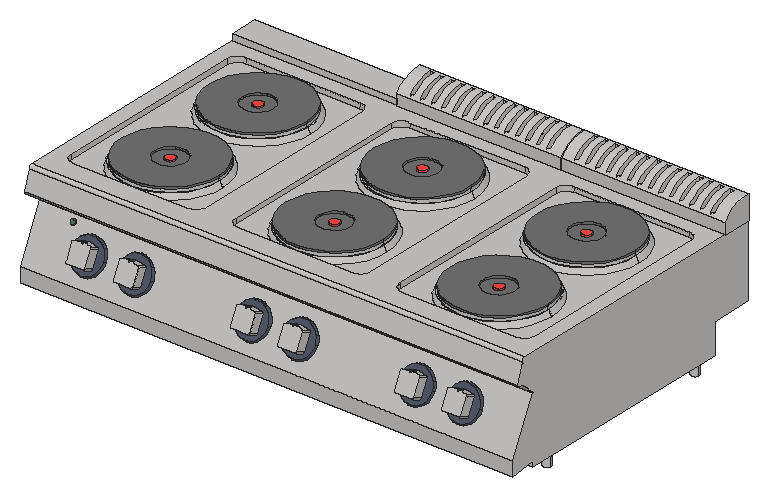
Revit family "QF_ZANUSSI_372019_Z7ECEL6R00", category Specialty Equipment, Revit 2018
Family settings
  Round Connector Dimension = Use Diameter
  Part Type = Normal
  Work Plane-Based = No
  Always vertical = Yes
  Cut with Voids When Loaded = No
  Shared = No
  Room Calculation Point = No
Parameters
  Width = 1200.0 mm  # constant formula
  Weight in Pounds = 132  # constant formula
  Weight = 0.00 kg
  Watts = 15600 W  # constant formula
  Volts = 400 V  # constant formula
  URL Manufacturer = "http://www.zanussiprofessional.com"
  URL Cutsheet = "www.electrolux.com/foodservice"
  URL = "http://www.zanussiprofessional.com"
  Type Mark [instance] = ""
  Steam Supply Size = 0"
  Steam Supply Minimum Pressure = 0.00 psi
  Steam Supply Maximum Pressure = 0.00 psi
  Steam Pounds per Hour = 0
  Status [instance] = ""
  Specification by User [instance] = ""
  Specification by Manufacturer = ""
  Show Logo [instance] = yes
  Show Clearance [instance] = yes
  Serial Number = ""
  Seismic Rating = ""
  SMACNA No = ""
  Revision Code [instance] = ""
  Refrigeration Suction Line Size = 0"
  Refrigeration Liquid Line Size = 0"
  Refrigerant Compressor Remote = yes
  Phase = 3  # constant formula
  Omniclass Number and Title = ""
  Number of Poles [instance] = 1
  NAFEM Spec ID Number = ""
  Model = "Z7ECEL6R00"
  Min Ckt Ampacity = 0 A
  Max Overcurrent Protection = 0 A
  Masterspec = ""
  Manufacturer = "Zanussi"
  Length Actual = 1200.0 mm  # constant formula
  Item Number [instance] = "372019"
  Installed By [instance] = ""
  Identify Quantity as Lot [instance] = yes
  Hot Water Size = 0"
  Height Actual = 250.0 mm  # constant formula
  Height = 332.0 mm  # constant formula
  HP = "20.9 HP"
  Gas Size = 0"
  Gas KW = 0
  Gas Input Pressure = 0.0 Btu/h
  Furnished By [instance] = ""
  Foodservice Equipment Identifier [instance] = yes
  FL Amps = if(Phase = 3, Watts / (Volts * 1.73), Watts / Volts)  # 22.5434 A
  Electrical Remarks [instance] = "400 V/3N ph/50/60 Hz"  # constant formula
  Electric Connection Type [instance] = ""
  Elec Conn RI Height [instance] = 0.0 mm
  Elec Conn Connection Height [instance] = 0.0 mm
  Direct Waste Size = 0"
  Description = "6-HOT PLATE ELECTRIC BOILING TOP 1200MM"
  Depth Actual = 700.0 mm  # constant formula
  Depth = 715.0 mm  # constant formula
  Cycle [instance] = if([60 Hertz Option], 60 Hz, 50 Hz)  # 60 Hz
  Conn Plug = ""
  Conn Conduit = yes
  Condensate Return Size = 0"
  Compressed Air Volume = 0 GPM
  Compressed Air Size = 0"
  Compressed Air Pressure = 0.00 psi
  Cold Water Size = 0"
  CSI MasterFormat = ""
  CSI Master Format = ""
  Base Height [instance] = 24.0 mm  # constant formula
  Assembly Code = ""
  Apparent Power = if(Phase = 3, Volts * FL Amps * 1.73, Volts * FL Amps)  # 15600 VA
  Accessory = yes
  60 Hertz Option [instance] = not([50 Hertz Option])  # yes
  50 Hertz Option [instance] = no
Reference planes
  plane 1 "BACK": y = 0
  plane 2: z = 0
  plane 3 "LEFT": x = 0
  plane 4 "RIGHT": x = 1200
  plane 5 "FRONT": y = -715
  plane 6 "TOP": z = 288.925
  plane 7 "Center Y": x = 600
  plane 8 "Center X": y = -357.5
  plane 9 "BASE": z = 24
  plane 10 "TOP A": z = 274
  plane 11: y = -597.884
  plane 12: y = -147.637
  plane 13: z = 332
  plane 14: y = -700
  plane 15 "panel": through (-6096, -654.982, 186.002) normal (0, -0.8956, 0.4448)
Forms (mm)
  Extrusion 1, solid, material "QF_Finishes_Stainless Steel"
    sketch origin (0, 0, 0) x (0, 1, 0) y (0, 0, 1)
      loop
        line (0, 98) -> (0, 274) -> (-679.358, 274)
        arc (-679.358, 274) -> (-684.643, 271.811) -> (-686.833, 266.526) r 7.474
        line (-686.833, 266.526) -> (-699.884, 221.011)
        arc (-699.884, 221.011) -> (-699.396, 218.379) -> (-697, 217.184) r 3
        line (-697, 217.184) -> (-686.802, 217.184) -> (-654.982, 185.364) -> (-715, 64.508) -> (-715, 29.508) -> (-658.645, 37.428)
        arc (-658.645, 37.428) -> (-656.101, 36.674) -> (-655, 34.259) r 3.2
        line (-655, 34.259) -> (-655, 24) -> (-103, 24) -> (-103, 98) -> (0, 98)
    from 0 to 1200
  Extrusion 2, solid, material "QF_Finishes_Stainless Steel"
    sketch origin (0, 0, 0) x (1, 0, 0) y (0, 1, 0)
      loop
        circle (11.112, -147.638) r 9.525
      loop
        circle (11.112, -597.884) r 9.525
      loop
        circle (1188.887, -147.638) r 9.525
      loop
        circle (1188.887, -597.884) r 9.525
    from 0 to 24
  Extrusion 3, solid, material "QF_Finishes_Stainless Steel"
    sketch origin (0, -101.6, 101.6) x (0, 0, -1) y (-1, 0, 0)
      loop
        circle (41.088, -1147.613) r 12.7
    from -1.4 to 3.175
  Extrusion 4, solid, material "QF_Finishes_Clearance", visible <- "Show Clearance", detail levels coarse
    sketch origin (0, 0, 0) x (1, 0, 0) y (0, 1, 0)
      loop
        line (0, -715) -> (0, 0) -> (1200, 0) -> (1200, -715) -> (1350.019, -715) -> (1350.019, 150.019) -> (-150.019, 150.019) -> (-150.019, -715) -> (0, -715)
    from 0 to 331.788
  Extrusion 5, solid, material "QF_Finishes_Stainless Steel"
    sketch origin (400.1, 0, 0) x (0, 1, 0) y (0, 0, 1)
      loop
        line (0, 274) -> (0, 331.492)
        arc (0, 331.492) -> (-38.8, 324.37) -> (-69.85, 300.038) r 82.447
        line (-69.85, 300.038) -> (-69.85, 274) -> (0, 274)
    from 0 to 400.05
  Extrusion 6, void
    sketch origin (400.1, 0, 274.638) x (0, -1, 0) y (1, 0, 0)
      loop
        line (6.761, 29.603) -> (63.911, 29.603) -> (63.911, 38.899) -> (6.761, 38.899) -> (6.761, 29.603)
      loop
        line (63.911, 64.387) -> (6.761, 64.387) -> (6.761, 55.091) -> (63.911, 55.091) -> (63.911, 64.387)
      loop
        line (63.911, 89.875) -> (6.761, 89.875) -> (6.761, 80.58) -> (63.911, 80.58) -> (63.911, 89.875)
      loop
        line (63.911, 115.364) -> (6.761, 115.364) -> (6.761, 106.068) -> (63.911, 106.068) -> (63.911, 115.364)
      loop
        line (63.911, 140.852) -> (6.761, 140.852) -> (6.761, 131.556) -> (63.911, 131.556) -> (63.911, 140.852)
      loop
        line (63.911, 166.34) -> (6.761, 166.34) -> (6.761, 157.045) -> (63.911, 157.045) -> (63.911, 166.34)
      loop
        line (63.911, 191.829) -> (6.761, 191.829) -> (6.761, 182.533) -> (63.911, 182.533) -> (63.911, 191.829)
      loop
        line (63.911, 217.317) -> (6.761, 217.317) -> (6.761, 208.021) -> (63.911, 208.021) -> (63.911, 217.317)
      loop
        line (63.911, 242.805) -> (6.761, 242.805) -> (6.761, 233.51) -> (63.911, 233.51) -> (63.911, 242.805)
      loop
        line (63.911, 268.294) -> (6.761, 268.294) -> (6.761, 258.998) -> (63.911, 258.998) -> (63.911, 268.294)
      loop
        line (63.911, 293.782) -> (6.761, 293.782) -> (6.761, 284.486) -> (63.911, 284.486) -> (63.911, 293.782)
      loop
        line (63.911, 319.27) -> (6.761, 319.27) -> (6.761, 309.975) -> (63.911, 309.975) -> (63.911, 319.27)
      loop
        line (63.911, 344.759) -> (6.761, 344.759) -> (6.761, 335.463) -> (63.911, 335.463) -> (63.911, 344.759)
      loop
        line (63.911, 370.247) -> (6.761, 370.247) -> (6.761, 360.951) -> (63.911, 360.951) -> (63.911, 370.247)
    from 25.4 to 63.5
  Extrusion 7, solid, material "QF_Finishes_Stainless Steel"
    sketch origin (800.15, 0, 0) x (0, 1, 0) y (0, 0, 1)
      loop
        line (0, 274) -> (0, 331.492)
        arc (0, 331.492) -> (-38.8, 324.37) -> (-69.85, 300.038) r 82.447
        line (-69.85, 300.038) -> (-69.85, 274) -> (0, 274)
    from 0 to 400.05
  Extrusion 8, void
    sketch origin (0, 0, 274.638) x (1, 0, 0) y (0, -1, 0)
      loop
        line (60.425, 104.885) -> (339.525, 104.885)
        arc (339.525, 104.885) -> (357.486, 112.324) -> (364.925, 130.285) r 25.4
        line (364.925, 130.285) -> (364.925, 604.235)
        arc (364.925, 604.235) -> (357.486, 622.195) -> (339.525, 629.635) r 25.4
        line (339.525, 629.635) -> (60.425, 629.635)
        arc (60.425, 629.635) -> (42.464, 622.195) -> (35.025, 604.235) r 25.4
        line (35.025, 604.235) -> (35.025, 130.285)
        arc (35.025, 130.285) -> (42.464, 112.324) -> (60.425, 104.885) r 25.4
      loop
        arc (739.625, 104.885) -> (757.586, 112.324) -> (765.025, 130.285) r 25.4
        line (765.025, 130.285) -> (765.025, 604.235)
        arc (765.025, 604.235) -> (757.586, 622.195) -> (739.625, 629.635) r 25.4
        line (739.625, 629.635) -> (460.375, 629.635)
        arc (460.375, 629.635) -> (442.414, 622.195) -> (434.975, 604.235) r 25.4
        line (434.975, 604.235) -> (434.975, 130.285)
        arc (434.975, 130.285) -> (442.414, 112.324) -> (460.375, 104.885) r 25.4
        line (460.375, 104.885) -> (739.625, 104.885)
      loop
        arc (1139.575, 104.885) -> (1157.536, 112.324) -> (1164.975, 130.285) r 25.4
        line (1164.975, 130.285) -> (1164.975, 604.235)
        arc (1164.975, 604.235) -> (1157.536, 622.195) -> (1139.575, 629.635) r 25.4
        line (1139.575, 629.635) -> (860.475, 629.635)
        arc (860.475, 629.635) -> (842.514, 622.195) -> (835.075, 604.235) r 25.4
        line (835.075, 604.235) -> (835.075, 130.285)
        arc (835.075, 130.285) -> (842.514, 112.324) -> (860.475, 104.885) r 25.4
        line (860.475, 104.885) -> (1139.575, 104.885)
    from 0 to 12.7
  Extrusion 9, void
    sketch origin (800.15, 0, 274.638) x (0, -1, 0) y (1, 0, 0)
      loop
        line (6.761, 29.603) -> (63.911, 29.603) -> (63.911, 38.899) -> (6.761, 38.899) -> (6.761, 29.603)
      loop
        line (63.911, 64.387) -> (6.761, 64.387) -> (6.761, 55.091) -> (63.911, 55.091) -> (63.911, 64.387)
      loop
        line (63.911, 89.875) -> (6.761, 89.875) -> (6.761, 80.58) -> (63.911, 80.58) -> (63.911, 89.875)
      loop
        line (63.911, 115.364) -> (6.761, 115.364) -> (6.761, 106.068) -> (63.911, 106.068) -> (63.911, 115.364)
      loop
        line (63.911, 140.852) -> (6.761, 140.852) -> (6.761, 131.556) -> (63.911, 131.556) -> (63.911, 140.852)
      loop
        line (63.911, 166.34) -> (6.761, 166.34) -> (6.761, 157.045) -> (63.911, 157.045) -> (63.911, 166.34)
      loop
        line (63.911, 191.829) -> (6.761, 191.829) -> (6.761, 182.533) -> (63.911, 182.533) -> (63.911, 191.829)
      loop
        line (63.911, 217.317) -> (6.761, 217.317) -> (6.761, 208.021) -> (63.911, 208.021) -> (63.911, 217.317)
      loop
        line (63.911, 242.805) -> (6.761, 242.805) -> (6.761, 233.51) -> (63.911, 233.51) -> (63.911, 242.805)
      loop
        line (63.911, 268.294) -> (6.761, 268.294) -> (6.761, 258.998) -> (63.911, 258.998) -> (63.911, 268.294)
      loop
        line (63.911, 293.782) -> (6.761, 293.782) -> (6.761, 284.486) -> (63.911, 284.486) -> (63.911, 293.782)
      loop
        line (63.911, 319.27) -> (6.761, 319.27) -> (6.761, 309.975) -> (63.911, 309.975) -> (63.911, 319.27)
      loop
        line (63.911, 344.759) -> (6.761, 344.759) -> (6.761, 335.463) -> (63.911, 335.463) -> (63.911, 344.759)
      loop
        line (63.911, 370.247) -> (6.761, 370.247) -> (6.761, 360.951) -> (63.911, 360.951) -> (63.911, 370.247)
    from 25.4 to 63.5
  Extrusion 10, solid, material "QF_Finishes_Stainless Steel"
    sketch origin (0, 0, 274.638) x (0, -1, 0) y (1, 0, 0)
      loop
        line (69.85, 400) -> (0, 400) -> (0, 0) -> (69.85, 0) -> (69.85, 400)
    from 0 to 14.3
  Blend 11, solid, material "QF_Finishes_Navy Blue"
    base sketch origin (542.6, -684.991, 125.574) x (1, 0, 0) y (0, 0.444781, 0.895639)
      loop
        circle (-0.1, 0) r 42.5
    top sketch origin (542.6, -684.991, 125.574) x (1, 0, 0) y (0, 0.444781, 0.895639)
      loop
        circle (-0.1, 0) r 40.5
    from 0 to 5
  Extrusion 12, solid, material "QF_Finishes_Stainless Steel"
    sketch origin (542.6, -684.991, 125.574) x (1, 0, 0) y (0, 0.444781, 0.895639)
      loop
        arc (-21.247, 22.789) -> (-22.594, 21.685) -> (-23.1, 20.019) r 2.997
        line (-23.1, 20.019) -> (-23.1, -20.019)
        arc (-23.1, -20.019) -> (-22.222, -22.138) -> (-20.103, -23.016) r 2.997
        line (-20.103, -23.016) -> (19.903, -23.016)
        arc (19.903, -23.016) -> (22.022, -22.138) -> (22.9, -20.019) r 2.997
        line (22.9, -20.019) -> (22.9, 20.019)
        arc (22.9, 20.019) -> (22.394, 21.685) -> (21.047, 22.789) r 2.997
        arc (21.047, 22.789) -> (-0.1, 26.984) -> (-21.247, 22.789) r 55.4
    from 10 to 34
  Extrusion 13, solid, material "QF_Plastic-Black-Matte"
    sketch origin (600.1, -684.991, 125.574) x (0, 0.444781, 0.895639) y (0, -0.895639, 0.444781)
      loop
        line (26.984, 34) -> (26.984, 19) -> (27.984, 19) -> (27.984, 34)
        arc (27.984, 34) -> (27.691, 34.707) -> (26.984, 35) r 1
        line (26.984, 35) -> (23.984, 35) -> (23.984, 34) -> (26.984, 34)
    from -58.5 to -56.5
  Extrusion 14, solid, material "QF_Finishes_Stainless Steel"
    sketch origin (542.6, -684.991, 125.574) x (1, 0, 0) y (0, 0.444781, 0.895639)
      loop
        line (17.4, 17.5) -> (-17.6, 17.5) -> (-17.6, -17.5) -> (17.4, -17.5) -> (17.4, 17.5)
    from 5 to 10
  Blend 15, solid, material "QF_Finishes_Navy Blue"
    base sketch origin (657.6, -684.991, 125.574) x (1, 0, 0) y (0, 0.444781, 0.895639)
      loop
        circle (-0.1, 0) r 42.5
    top sketch origin (657.6, -684.991, 125.574) x (1, 0, 0) y (0, 0.444781, 0.895639)
      loop
        circle (-0.1, 0) r 40.5
    from 0 to 5
  Extrusion 16, solid, material "QF_Finishes_Stainless Steel"
    sketch origin (657.6, -684.991, 125.574) x (1, 0, 0) y (0, 0.444781, 0.895639)
      loop
        arc (-21.247, 22.789) -> (-22.594, 21.685) -> (-23.1, 20.019) r 2.997
        line (-23.1, 20.019) -> (-23.1, -20.019)
        arc (-23.1, -20.019) -> (-22.222, -22.138) -> (-20.103, -23.016) r 2.997
        line (-20.103, -23.016) -> (19.903, -23.016)
        arc (19.903, -23.016) -> (22.022, -22.138) -> (22.9, -20.019) r 2.997
        line (22.9, -20.019) -> (22.9, 20.019)
        arc (22.9, 20.019) -> (22.394, 21.685) -> (21.047, 22.789) r 2.997
        arc (21.047, 22.789) -> (-0.1, 26.984) -> (-21.247, 22.789) r 55.4
    from 10 to 34
  Extrusion 17, solid, material "QF_Finishes_Stainless Steel"
    sketch origin (657.6, -684.991, 125.574) x (1, 0, 0) y (0, 0.444781, 0.895639)
      loop
        line (17.4, 17.5) -> (-17.6, 17.5) -> (-17.6, -17.5) -> (17.4, -17.5) -> (17.4, 17.5)
    from 5 to 10
  Blend 18, solid, material "QF_Finishes_Navy Blue"
    base sketch origin (142.525, -684.991, 125.574) x (1, 0, 0) y (0, 0.444781, 0.895639)
      loop
        circle (0, 0) r 42.5
    top sketch origin (142.525, -684.991, 125.574) x (1, 0, 0) y (0, 0.444781, 0.895639)
      loop
        circle (0, 0) r 40.5
    from 0 to 5
  Extrusion 19, solid, material "QF_Finishes_Stainless Steel"
    sketch origin (142.525, -684.991, 125.574) x (1, 0, 0) y (0, 0.444781, 0.895639)
      loop
        arc (-21.147, 22.789) -> (-22.494, 21.685) -> (-23, 20.019) r 2.997
        line (-23, 20.019) -> (-23, -20.019)
        arc (-23, -20.019) -> (-22.122, -22.138) -> (-20.003, -23.016) r 2.997
        line (-20.003, -23.016) -> (20.003, -23.016)
        arc (20.003, -23.016) -> (22.122, -22.138) -> (23, -20.019) r 2.997
        line (23, -20.019) -> (23, 20.019)
        arc (23, 20.019) -> (22.494, 21.685) -> (21.147, 22.789) r 2.997
        arc (21.147, 22.789) -> (0, 26.984) -> (-21.147, 22.789) r 55.4
    from 10 to 34
  Extrusion 20, solid, material "QF_Plastic-Black-Matte"
    sketch origin (200.025, -684.991, 125.574) x (0, 0.444781, 0.895639) y (0, -0.895639, 0.444781)
      loop
        line (26.984, 34) -> (26.984, 19) -> (27.984, 19) -> (27.984, 34)
        arc (27.984, 34) -> (27.691, 34.707) -> (26.984, 35) r 1
        line (26.984, 35) -> (23.984, 35) -> (23.984, 34) -> (26.984, 34)
    from -58.5 to -56.5
  Extrusion 21, solid, material "QF_Finishes_DarkGreen"
    sketch origin (142.525, -662.752, 170.356) x (1, 0, 0) y (0, 0.444781, 0.895639)
      loop
        circle (-55.001, 0) r 6
    from 0 to 1.6
  Extrusion 22, solid, material "QF_Finishes_Stainless Steel"
    sketch origin (142.525, -684.991, 125.574) x (1, 0, 0) y (0, 0.444781, 0.895639)
      loop
        line (17.5, 17.5) -> (-17.5, 17.5) -> (-17.5, -17.5) -> (17.5, -17.5) -> (17.5, 17.5)
    from 5 to 10
  Blend 23, solid, material "QF_Finishes_Navy Blue"
    base sketch origin (257.525, -684.991, 125.574) x (1, 0, 0) y (0, 0.444781, 0.895639)
      loop
        circle (0, 0) r 42.5
    top sketch origin (257.525, -684.991, 125.574) x (1, 0, 0) y (0, 0.444781, 0.895639)
      loop
        circle (0, 0) r 40.5
    from 0 to 5
  Extrusion 24, solid, material "QF_Finishes_Stainless Steel"
    sketch origin (257.525, -684.991, 125.574) x (1, 0, 0) y (0, 0.444781, 0.895639)
      loop
        arc (-21.147, 22.789) -> (-22.494, 21.685) -> (-23, 20.019) r 2.997
        line (-23, 20.019) -> (-23, -20.019)
        arc (-23, -20.019) -> (-22.122, -22.138) -> (-20.003, -23.016) r 2.997
        line (-20.003, -23.016) -> (20.003, -23.016)
        arc (20.003, -23.016) -> (22.122, -22.138) -> (23, -20.019) r 2.997
        line (23, -20.019) -> (23, 20.019)
        arc (23, 20.019) -> (22.494, 21.685) -> (21.147, 22.789) r 2.997
        arc (21.147, 22.789) -> (0, 26.984) -> (-21.147, 22.789) r 55.4
    from 10 to 34
  Extrusion 25, solid, material "QF_Finishes_Stainless Steel"
    sketch origin (257.525, -684.991, 125.574) x (1, 0, 0) y (0, 0.444781, 0.895639)
      loop
        line (17.5, 17.5) -> (-17.5, 17.5) -> (-17.5, -17.5) -> (17.5, -17.5) -> (17.5, 17.5)
    from 5 to 10
  Blend 26, solid, material "QF_Finishes_Navy Blue"
    base sketch origin (942.675, -684.991, 125.574) x (1, 0, 0) y (0, 0.444781, 0.895639)
      loop
        circle (-0.2, 0) r 42.5
    top sketch origin (942.675, -684.991, 125.574) x (1, 0, 0) y (0, 0.444781, 0.895639)
      loop
        circle (-0.2, 0) r 40.5
    from 0 to 5
  Extrusion 27, solid, material "QF_Finishes_Stainless Steel"
    sketch origin (942.675, -684.991, 125.574) x (1, 0, 0) y (0, 0.444781, 0.895639)
      loop
        arc (-21.347, 22.789) -> (-22.694, 21.685) -> (-23.2, 20.019) r 2.997
        line (-23.2, 20.019) -> (-23.2, -20.019)
        arc (-23.2, -20.019) -> (-22.322, -22.138) -> (-20.203, -23.016) r 2.997
        line (-20.203, -23.016) -> (19.803, -23.016)
        arc (19.803, -23.016) -> (21.922, -22.138) -> (22.8, -20.019) r 2.997
        line (22.8, -20.019) -> (22.8, 20.019)
        arc (22.8, 20.019) -> (22.294, 21.685) -> (20.947, 22.789) r 2.997
        arc (20.947, 22.789) -> (-0.2, 26.984) -> (-21.347, 22.789) r 55.4
    from 10 to 34
  Extrusion 28, solid, material "QF_Plastic-Black-Matte"
    sketch origin (1000.175, -684.991, 125.574) x (0, 0.444781, 0.895639) y (0, -0.895639, 0.444781)
      loop
        line (26.984, 34) -> (26.984, 19) -> (27.984, 19) -> (27.984, 34)
        arc (27.984, 34) -> (27.691, 34.707) -> (26.984, 35) r 1
        line (26.984, 35) -> (23.984, 35) -> (23.984, 34) -> (26.984, 34)
    from -58.5 to -56.5
  Extrusion 29, solid, material "QF_Finishes_Stainless Steel"
    sketch origin (942.675, -684.991, 125.574) x (1, 0, 0) y (0, 0.444781, 0.895639)
      loop
        line (17.3, 17.5) -> (-17.7, 17.5) -> (-17.7, -17.5) -> (17.3, -17.5) -> (17.3, 17.5)
    from 5 to 10
  Blend 30, solid, material "QF_Finishes_Navy Blue"
    base sketch origin (1057.675, -684.991, 125.574) x (1, 0, 0) y (0, 0.444781, 0.895639)
      loop
        circle (-0.2, 0) r 42.5
    top sketch origin (1057.675, -684.991, 125.574) x (1, 0, 0) y (0, 0.444781, 0.895639)
      loop
        circle (-0.2, 0) r 40.5
    from 0 to 5
  Extrusion 31, solid, material "QF_Finishes_Stainless Steel"
    sketch origin (1057.675, -684.991, 125.574) x (1, 0, 0) y (0, 0.444781, 0.895639)
      loop
        arc (-21.347, 22.789) -> (-22.694, 21.685) -> (-23.2, 20.019) r 2.997
        line (-23.2, 20.019) -> (-23.2, -20.019)
        arc (-23.2, -20.019) -> (-22.322, -22.138) -> (-20.203, -23.016) r 2.997
        line (-20.203, -23.016) -> (19.803, -23.016)
        arc (19.803, -23.016) -> (21.922, -22.138) -> (22.8, -20.019) r 2.997
        line (22.8, -20.019) -> (22.8, 20.019)
        arc (22.8, 20.019) -> (22.294, 21.685) -> (20.947, 22.789) r 2.997
        arc (20.947, 22.789) -> (-0.2, 26.984) -> (-21.347, 22.789) r 55.4
    from 10 to 34
  Extrusion 32, solid, material "QF_Finishes_Stainless Steel"
    sketch origin (1057.675, -684.991, 125.574) x (1, 0, 0) y (0, 0.444781, 0.895639)
      loop
        line (17.3, 17.5) -> (-17.7, 17.5) -> (-17.7, -17.5) -> (17.3, -17.5) -> (17.3, 17.5)
    from 5 to 10
  Extrusion 33, solid, material "QF_Plastic-Black-Matte"
    sketch origin (1115.175, -684.991, 125.574) x (0, 0.444781, 0.895639) y (0, -0.895639, 0.444781)
      loop
        line (26.984, 34) -> (26.984, 19) -> (27.984, 19) -> (27.984, 34)
        arc (27.984, 34) -> (27.691, 34.707) -> (26.984, 35) r 1
        line (26.984, 35) -> (23.984, 35) -> (23.984, 34) -> (26.984, 34)
    from -58.5 to -56.5
  Extrusion 34, solid, material "QF_Plastic-Black-Matte"
    sketch origin (715.1, -684.991, 125.574) x (0, 0.444781, 0.895639) y (0, -0.895639, 0.444781)
      loop
        line (26.984, 34) -> (26.984, 19) -> (27.984, 19) -> (27.984, 34)
        arc (27.984, 34) -> (27.691, 34.707) -> (26.984, 35) r 1
        line (26.984, 35) -> (23.984, 35) -> (23.984, 34) -> (26.984, 34)
    from -58.5 to -56.5
  Extrusion 35, solid, material "QF_Plastic-Black-Matte"
    sketch origin (315.125, -684.991, 125.574) x (0, 0.444781, 0.895639) y (0, -0.895639, 0.444781)
      loop
        line (26.984, 34) -> (26.984, 19) -> (27.984, 19) -> (27.984, 34)
        arc (27.984, 34) -> (27.691, 34.707) -> (26.984, 35) r 1
        line (26.984, 35) -> (23.984, 35) -> (23.984, 34) -> (26.984, 34)
    from -58.5 to -56.5
Cuts and joins
  Extrusion 6, Extrusion 9 cuts Extrusion 5
  Extrusion 8 cuts Extrusion 1
  Extrusion 9 cuts Extrusion 4
  Extrusion 9 cuts Extrusion 7
Lines and regions (mm)
  Split face 1
    outline origin (548.501, -689.469, 127.797) x (1, 0, 0) y (0, 0.444781, 0.895639)
      loop
        line (-8.901, 38.561) -> (-8.901, 28.561) -> (-2.901, 28.561) -> (-2.901, 38.561) -> (-8.901, 38.561)
  Split face 2
    outline origin (548.501, -689.469, 127.797) x (1, 0, 0) y (0, 0.444781, 0.895639)
      loop
        line (-8.401, 38.061) -> (-8.401, 29.061) -> (-3.401, 29.061) -> (-3.401, 38.061) -> (-8.401, 38.061)
  Split face 3
    outline origin (548.501, -689.469, 127.797) x (1, 0, 0) y (0, 0.444781, 0.895639)
      loop
        line (-8.401, 34.061) -> (-3.401, 34.061)
  Split face 4
    outline origin (548.501, -689.469, 127.797) x (1, 0, 0) y (0, 0.444781, 0.895639)
      loop
        line (-8.401, 33.561) -> (-3.401, 33.561)
  Split face 5
    outline origin (548.501, -689.469, 127.797) x (1, 0, 0) y (0, 0.444781, 0.895639)
      loop
        circle (-5.901, 31.311) r 2.029
  Split face 6
    outline origin (542.6, -689.469, 127.797) x (1, 0, 0) y (0, 0.444781, 0.895639)
      loop
        circle (-34, 0) r 1.5
  Split face 7
    outline origin (542.6, -689.469, 127.797) x (1, 0, 0) y (0, 0.444781, 0.895639)
      loop
        circle (-30.633, -14.752) r 1.5
  Split face 8
    outline origin (542.6, -689.469, 127.797) x (1, 0, 0) y (0, 0.444781, 0.895639)
      loop
        circle (-21.199, -26.582) r 1.5
  Split face 9
    outline origin (542.6, -689.469, 127.797) x (1, 0, 0) y (0, 0.444781, 0.895639)
      loop
        circle (-7.566, -33.148) r 1.5
  Split face 10
    outline origin (542.6, -689.469, 127.797) x (1, 0, 0) y (0, 0.444781, 0.895639)
      loop
        circle (7.566, -33.148) r 1.5
  Split face 11
    outline origin (542.6, -689.469, 127.797) x (1, 0, 0) y (0, 0.444781, 0.895639)
      loop
        circle (21.199, -26.582) r 1.5
  Split face 12
    outline origin (542.6, -689.469, 127.797) x (1, 0, 0) y (0, 0.444781, 0.895639)
      loop
        circle (30.633, -14.752) r 1.5
  Split face 13
    outline origin (542.6, -689.469, 127.797) x (1, 0, 0) y (0, 0.444781, 0.895639)
      loop
        circle (34, 0) r 1.5
  Split face 14
    outline origin (542.6, -689.469, 127.797) x (1, 0, 0) y (0, 0.444781, 0.895639)
      loop
        circle (-21.199, 26.582) r 1.5
  Split face 15
    outline origin (657.6, -689.469, 127.797) x (1, 0, 0) y (0, 0.444781, 0.895639)
      loop
        circle (-34, 0) r 1.5
  Split face 16
    outline origin (657.6, -689.469, 127.797) x (1, 0, 0) y (0, 0.444781, 0.895639)
      loop
        circle (-30.633, -14.752) r 1.5
  Split face 17
    outline origin (657.6, -689.469, 127.797) x (1, 0, 0) y (0, 0.444781, 0.895639)
      loop
        circle (-21.199, -26.582) r 1.5
  Split face 18
    outline origin (657.6, -689.469, 127.797) x (1, 0, 0) y (0, 0.444781, 0.895639)
      loop
        circle (-7.566, -33.148) r 1.5
  Split face 19
    outline origin (657.6, -689.469, 127.797) x (1, 0, 0) y (0, 0.444781, 0.895639)
      loop
        circle (7.566, -33.148) r 1.5
  Split face 20
    outline origin (657.6, -689.469, 127.797) x (1, 0, 0) y (0, 0.444781, 0.895639)
      loop
        circle (21.199, -26.582) r 1.5
  Split face 21
    outline origin (657.6, -689.469, 127.797) x (1, 0, 0) y (0, 0.444781, 0.895639)
      loop
        circle (30.633, -14.752) r 1.5
  Split face 22
    outline origin (657.6, -689.469, 127.797) x (1, 0, 0) y (0, 0.444781, 0.895639)
      loop
        circle (34, 0) r 1.5
  Split face 23
    outline origin (657.6, -689.469, 127.797) x (1, 0, 0) y (0, 0.444781, 0.895639)
      loop
        circle (-21.199, 26.582) r 1.5
  Split face 24
    outline origin (657.6, -689.469, 127.797) x (1, 0, 0) y (0, 0.444781, 0.895639)
      loop
        line (-3, 38.561) -> (-3, 28.561) -> (3, 28.561) -> (3, 38.561) -> (-3, 38.561)
  Split face 25
    outline origin (657.6, -689.469, 127.797) x (1, 0, 0) y (0, 0.444781, 0.895639)
      loop
        line (-2.5, 38.061) -> (-2.5, 29.061) -> (2.5, 29.061) -> (2.5, 38.061) -> (-2.5, 38.061)
  Split face 26
    outline origin (657.6, -689.469, 127.797) x (1, 0, 0) y (0, 0.444781, 0.895639)
      loop
        line (-2.5, 33.561) -> (2.5, 33.561)
  Split face 27
    outline origin (657.6, -689.469, 127.797) x (1, 0, 0) y (0, 0.444781, 0.895639)
      loop
        line (-2.5, 33.061) -> (2.5, 33.061)
  Split face 28
    outline origin (657.6, -689.469, 127.797) x (1, 0, 0) y (0, 0.444781, 0.895639)
      loop
        circle (0, 35.811) r 2.031
  Split face 29
    outline origin (148.426, -689.469, 127.797) x (1, 0, 0) y (0, 0.444781, 0.895639)
      loop
        line (-8.901, 38.561) -> (-8.901, 28.561) -> (-2.901, 28.561) -> (-2.901, 38.561) -> (-8.901, 38.561)
  Split face 30
    outline origin (148.426, -689.469, 127.797) x (1, 0, 0) y (0, 0.444781, 0.895639)
      loop
        line (-8.401, 38.061) -> (-8.401, 29.061) -> (-3.401, 29.061) -> (-3.401, 38.061) -> (-8.401, 38.061)
  Split face 31
    outline origin (148.426, -689.469, 127.797) x (1, 0, 0) y (0, 0.444781, 0.895639)
      loop
        line (-8.401, 34.061) -> (-3.401, 34.061)
  Split face 32
    outline origin (148.426, -689.469, 127.797) x (1, 0, 0) y (0, 0.444781, 0.895639)
      loop
        line (-8.401, 33.561) -> (-3.401, 33.561)
  Split face 33
    outline origin (148.426, -689.469, 127.797) x (1, 0, 0) y (0, 0.444781, 0.895639)
      loop
        circle (-5.901, 31.311) r 2.029
  Split face 34
    outline origin (142.525, -689.469, 127.797) x (1, 0, 0) y (0, 0.444781, 0.895639)
      loop
        circle (-34, 0) r 1.5
  Split face 35
    outline origin (142.525, -689.469, 127.797) x (1, 0, 0) y (0, 0.444781, 0.895639)
      loop
        circle (-30.633, -14.752) r 1.5
  Split face 36
    outline origin (142.525, -689.469, 127.797) x (1, 0, 0) y (0, 0.444781, 0.895639)
      loop
        circle (-21.199, -26.582) r 1.5
  Split face 37
    outline origin (142.525, -689.469, 127.797) x (1, 0, 0) y (0, 0.444781, 0.895639)
      loop
        circle (-7.566, -33.148) r 1.5
  Split face 38
    outline origin (142.525, -689.469, 127.797) x (1, 0, 0) y (0, 0.444781, 0.895639)
      loop
        circle (7.566, -33.148) r 1.5
  Split face 39
    outline origin (142.525, -689.469, 127.797) x (1, 0, 0) y (0, 0.444781, 0.895639)
      loop
        circle (21.199, -26.582) r 1.5
  Split face 40
    outline origin (142.525, -689.469, 127.797) x (1, 0, 0) y (0, 0.444781, 0.895639)
      loop
        circle (30.633, -14.752) r 1.5
  Split face 41
    outline origin (142.525, -689.469, 127.797) x (1, 0, 0) y (0, 0.444781, 0.895639)
      loop
        circle (34, 0) r 1.5
  Split face 42
    outline origin (142.525, -689.469, 127.797) x (1, 0, 0) y (0, 0.444781, 0.895639)
      loop
        circle (-21.199, 26.582) r 1.5
  Split face 43
    outline origin (257.525, -689.469, 127.797) x (1, 0, 0) y (0, 0.444781, 0.895639)
      loop
        circle (-34, 0) r 1.5
  Split face 44
    outline origin (257.525, -689.469, 127.797) x (1, 0, 0) y (0, 0.444781, 0.895639)
      loop
        circle (-30.633, -14.752) r 1.5
  Split face 45
    outline origin (257.525, -689.469, 127.797) x (1, 0, 0) y (0, 0.444781, 0.895639)
      loop
        circle (-21.199, -26.582) r 1.5
  Split face 46
    outline origin (257.525, -689.469, 127.797) x (1, 0, 0) y (0, 0.444781, 0.895639)
      loop
        circle (-7.566, -33.148) r 1.5
  Split face 47
    outline origin (257.525, -689.469, 127.797) x (1, 0, 0) y (0, 0.444781, 0.895639)
      loop
        circle (7.566, -33.148) r 1.5
  Split face 48
    outline origin (257.525, -689.469, 127.797) x (1, 0, 0) y (0, 0.444781, 0.895639)
      loop
        circle (21.199, -26.582) r 1.5
  Split face 49
    outline origin (257.525, -689.469, 127.797) x (1, 0, 0) y (0, 0.444781, 0.895639)
      loop
        circle (30.633, -14.752) r 1.5
  Split face 50
    outline origin (257.525, -689.469, 127.797) x (1, 0, 0) y (0, 0.444781, 0.895639)
      loop
        circle (34, 0) r 1.5
  Split face 51
    outline origin (257.525, -689.469, 127.797) x (1, 0, 0) y (0, 0.444781, 0.895639)
      loop
        circle (-21.199, 26.582) r 1.5
  Split face 52
    outline origin (257.525, -689.469, 127.797) x (1, 0, 0) y (0, 0.444781, 0.895639)
      loop
        line (-3, 38.561) -> (-3, 28.561) -> (3, 28.561) -> (3, 38.561) -> (-3, 38.561)
  Split face 53
    outline origin (257.525, -689.469, 127.797) x (1, 0, 0) y (0, 0.444781, 0.895639)
      loop
        line (-2.5, 38.061) -> (-2.5, 29.061) -> (2.5, 29.061) -> (2.5, 38.061) -> (-2.5, 38.061)
  Split face 54
    outline origin (257.525, -689.469, 127.797) x (1, 0, 0) y (0, 0.444781, 0.895639)
      loop
        line (-2.5, 33.561) -> (2.5, 33.561)
  Split face 55
    outline origin (257.525, -689.469, 127.797) x (1, 0, 0) y (0, 0.444781, 0.895639)
      loop
        line (-2.5, 33.061) -> (2.5, 33.061)
  Split face 56
    outline origin (257.525, -689.469, 127.797) x (1, 0, 0) y (0, 0.444781, 0.895639)
      loop
        circle (0, 35.811) r 2.031
  Split face 57
    outline origin (948.576, -689.469, 127.797) x (1, 0, 0) y (0, 0.444781, 0.895639)
      loop
        line (-8.901, 38.561) -> (-8.901, 28.561) -> (-2.901, 28.561) -> (-2.901, 38.561) -> (-8.901, 38.561)
  Split face 58
    outline origin (948.576, -689.469, 127.797) x (1, 0, 0) y (0, 0.444781, 0.895639)
      loop
        line (-8.401, 38.061) -> (-8.401, 29.061) -> (-3.401, 29.061) -> (-3.401, 38.061) -> (-8.401, 38.061)
  Split face 59
    outline origin (948.576, -689.469, 127.797) x (1, 0, 0) y (0, 0.444781, 0.895639)
      loop
        line (-8.401, 34.061) -> (-3.401, 34.061)
  Split face 60
    outline origin (948.576, -689.469, 127.797) x (1, 0, 0) y (0, 0.444781, 0.895639)
      loop
        line (-8.401, 33.561) -> (-3.401, 33.561)
  Split face 61
    outline origin (948.576, -689.469, 127.797) x (1, 0, 0) y (0, 0.444781, 0.895639)
      loop
        circle (-5.901, 31.311) r 2.029
  Split face 62
    outline origin (942.675, -689.469, 127.797) x (1, 0, 0) y (0, 0.444781, 0.895639)
      loop
        circle (-34, 0) r 1.5
  Split face 63
    outline origin (942.675, -689.469, 127.797) x (1, 0, 0) y (0, 0.444781, 0.895639)
      loop
        circle (-30.633, -14.752) r 1.5
  Split face 64
    outline origin (942.675, -689.469, 127.797) x (1, 0, 0) y (0, 0.444781, 0.895639)
      loop
        circle (-21.199, -26.582) r 1.5
  Split face 65
    outline origin (942.675, -689.469, 127.797) x (1, 0, 0) y (0, 0.444781, 0.895639)
      loop
        circle (-7.566, -33.148) r 1.5
  Split face 66
    outline origin (942.675, -689.469, 127.797) x (1, 0, 0) y (0, 0.444781, 0.895639)
      loop
        circle (7.566, -33.148) r 1.5
  Split face 67
    outline origin (942.675, -689.469, 127.797) x (1, 0, 0) y (0, 0.444781, 0.895639)
      loop
        circle (21.199, -26.582) r 1.5
  Split face 68
    outline origin (942.675, -689.469, 127.797) x (1, 0, 0) y (0, 0.444781, 0.895639)
      loop
        circle (30.633, -14.752) r 1.5
  Split face 69
    outline origin (942.675, -689.469, 127.797) x (1, 0, 0) y (0, 0.444781, 0.895639)
      loop
        circle (34, 0) r 1.5
  Split face 70
    outline origin (942.675, -689.469, 127.797) x (1, 0, 0) y (0, 0.444781, 0.895639)
      loop
        circle (-21.199, 26.582) r 1.5
  Split face 71
    outline origin (1057.675, -689.469, 127.797) x (1, 0, 0) y (0, 0.444781, 0.895639)
      loop
        circle (-34, 0) r 1.5
  Split face 72
    outline origin (1057.675, -689.469, 127.797) x (1, 0, 0) y (0, 0.444781, 0.895639)
      loop
        circle (-30.633, -14.752) r 1.5
  Split face 73
    outline origin (1057.675, -689.469, 127.797) x (1, 0, 0) y (0, 0.444781, 0.895639)
      loop
        circle (-21.199, -26.582) r 1.5
  Split face 74
    outline origin (1057.675, -689.469, 127.797) x (1, 0, 0) y (0, 0.444781, 0.895639)
      loop
        circle (-7.566, -33.148) r 1.5
  Split face 75
    outline origin (1057.675, -689.469, 127.797) x (1, 0, 0) y (0, 0.444781, 0.895639)
      loop
        circle (7.566, -33.148) r 1.5
  Split face 76
    outline origin (1057.675, -689.469, 127.797) x (1, 0, 0) y (0, 0.444781, 0.895639)
      loop
        circle (21.199, -26.582) r 1.5
  Split face 77
    outline origin (1057.675, -689.469, 127.797) x (1, 0, 0) y (0, 0.444781, 0.895639)
      loop
        circle (30.633, -14.752) r 1.5
  Split face 78
    outline origin (1057.675, -689.469, 127.797) x (1, 0, 0) y (0, 0.444781, 0.895639)
      loop
        circle (34, 0) r 1.5
  Split face 79
    outline origin (1057.675, -689.469, 127.797) x (1, 0, 0) y (0, 0.444781, 0.895639)
      loop
        circle (-21.199, 26.582) r 1.5
  Split face 80
    outline origin (1057.675, -689.469, 127.797) x (1, 0, 0) y (0, 0.444781, 0.895639)
      loop
        line (-3, 38.561) -> (-3, 28.561) -> (3, 28.561) -> (3, 38.561) -> (-3, 38.561)
  Split face 81
    outline origin (1057.675, -689.469, 127.797) x (1, 0, 0) y (0, 0.444781, 0.895639)
      loop
        line (-2.5, 38.061) -> (-2.5, 29.061) -> (2.5, 29.061) -> (2.5, 38.061) -> (-2.5, 38.061)
  Split face 82
    outline origin (1057.675, -689.469, 127.797) x (1, 0, 0) y (0, 0.444781, 0.895639)
      loop
        line (-2.5, 33.561) -> (2.5, 33.561)
  Split face 83
    outline origin (1057.675, -689.469, 127.797) x (1, 0, 0) y (0, 0.444781, 0.895639)
      loop
        line (-2.5, 33.061) -> (2.5, 33.061)
  Split face 84
    outline origin (1057.675, -689.469, 127.797) x (1, 0, 0) y (0, 0.444781, 0.895639)
      loop
        circle (0, 35.811) r 2.031
  symbolic lines, style "QF-Clearances", visible <- "Show Clearance", detail levels coarse
    curve 1: line (-150.019, 150.019, 274) -> (-150.019, -715, 274)
    curve 2: line (1350.019, 150.019, 274) -> (-150.019, 150.019, 274)
    curve 3: line (1350.019, -715, 274) -> (1350.019, 150.019, 274)
  symbolic lines
    curve 4: line (0, 0, 274) -> (1200, 0, 274)
    curve 5: line (0, -715, 274) -> (0, 0, 274)
    curve 6: line (1200, 0, 274) -> (1200, -715, 274)
    curve 7: line (0, -69.85, 274) -> (1200, -69.85, 274)
    curve 8: line (364.925, -130.285, 0) -> (364.925, -619.485, 0)
    curve 9: arc (364.925, -619.485, 0) -> (357.486, -637.445, 0) -> (339.525, -644.885, 0) r 25.4
    curve 10: line (339.525, -644.885, 0) -> (60.425, -644.885, 0)
    curve 11: arc (60.425, -644.885, 0) -> (42.464, -637.445, 0) -> (35.025, -619.485, 0) r 25.4
    curve 12: line (35.025, -619.485, 0) -> (35.025, -130.285, 0)
    curve 13: arc (35.025, -130.285, 0) -> (42.464, -112.324, 0) -> (60.425, -104.885, 0) r 25.4
    curve 14: line (60.425, -104.885, 0) -> (339.525, -104.885, 0)
    curve 15: arc (339.525, -104.885, 0) -> (357.486, -112.324, 0) -> (364.925, -130.285, 0) r 25.4
    curve 16: line (429.703, -6.761, 0) -> (438.999, -6.761, 0)
    curve 17: line (429.703, -63.911, 0) -> (429.703, -6.761, 0)
    curve 18: line (438.999, -63.911, 0) -> (429.703, -63.911, 0)
    curve 19: line (438.999, -6.761, 0) -> (438.999, -63.911, 0)
    curve 20: line (455.191, -6.761, 0) -> (464.487, -6.761, 0)
    curve 21: line (455.191, -63.911, 0) -> (455.191, -6.761, 0)
    curve 22: line (464.487, -63.911, 0) -> (455.191, -63.911, 0)
    curve 23: line (464.487, -6.761, 0) -> (464.487, -63.911, 0)
    curve 24: line (400, 0, 0) -> (400, -69.85, 0)
    curve 25: line (800.05, 0, 0) -> (800.05, -69.85, 0)
    curve 26: line (480.68, -6.761, 0) -> (489.975, -6.761, 0)
    curve 27: line (480.68, -63.911, 0) -> (480.68, -6.761, 0)
    curve 28: line (489.975, -63.911, 0) -> (480.68, -63.911, 0)
    curve 29: line (489.975, -6.761, 0) -> (489.975, -63.911, 0)
    curve 30: line (506.168, -6.761, 0) -> (515.464, -6.761, 0)
    curve 31: line (506.168, -63.911, 0) -> (506.168, -6.761, 0)
    curve 32: line (515.464, -63.911, 0) -> (506.168, -63.911, 0)
    curve 33: line (515.464, -6.761, 0) -> (515.464, -63.911, 0)
    curve 34: line (531.656, -6.761, 0) -> (540.952, -6.761, 0)
    curve 35: line (531.656, -63.911, 0) -> (531.656, -6.761, 0)
    curve 36: line (540.952, -63.911, 0) -> (531.656, -63.911, 0)
    curve 37: line (540.952, -6.761, 0) -> (540.952, -63.911, 0)
    curve 38: line (557.145, -6.761, 0) -> (566.44, -6.761, 0)
    curve 39: line (557.145, -63.911, 0) -> (557.145, -6.761, 0)
    curve 40: line (566.44, -63.911, 0) -> (557.145, -63.911, 0)
    curve 41: line (566.44, -6.761, 0) -> (566.44, -63.911, 0)
    curve 42: line (582.633, -6.761, 0) -> (591.929, -6.761, 0)
    curve 43: line (582.633, -63.911, 0) -> (582.633, -6.761, 0)
    curve 44: line (591.929, -63.911, 0) -> (582.633, -63.911, 0)
    curve 45: line (591.929, -6.761, 0) -> (591.929, -63.911, 0)
    curve 46: line (608.121, -6.761, 0) -> (617.417, -6.761, 0)
    curve 47: line (608.121, -63.911, 0) -> (608.121, -6.761, 0)
    curve 48: line (617.417, -63.911, 0) -> (608.121, -63.911, 0)
    curve 49: line (617.417, -6.761, 0) -> (617.417, -63.911, 0)
    curve 50: line (633.61, -6.761, 0) -> (642.905, -6.761, 0)
    curve 51: line (633.61, -63.911, 0) -> (633.61, -6.761, 0)
    curve 52: line (642.905, -63.911, 0) -> (633.61, -63.911, 0)
    curve 53: line (642.905, -6.761, 0) -> (642.905, -63.911, 0)
    curve 54: line (659.098, -6.761, 0) -> (668.394, -6.761, 0)
    curve 55: line (659.098, -63.911, 0) -> (659.098, -6.761, 0)
    curve 56: line (668.394, -63.911, 0) -> (659.098, -63.911, 0)
    curve 57: line (668.394, -6.761, 0) -> (668.394, -63.911, 0)
    curve 58: line (684.586, -6.761, 0) -> (693.882, -6.761, 0)
    curve 59: line (684.586, -63.911, 0) -> (684.586, -6.761, 0)
    curve 60: line (693.882, -63.911, 0) -> (684.586, -63.911, 0)
    curve 61: line (693.882, -6.761, 0) -> (693.882, -63.911, 0)
    curve 62: line (710.075, -6.761, 0) -> (719.37, -6.761, 0)
    curve 63: line (710.075, -63.911, 0) -> (710.075, -6.761, 0)
    curve 64: line (719.37, -63.911, 0) -> (710.075, -63.911, 0)
    curve 65: line (719.37, -6.761, 0) -> (719.37, -63.911, 0)
    curve 66: line (735.563, -6.761, 0) -> (744.859, -6.761, 0)
    curve 67: line (735.563, -63.911, 0) -> (735.563, -6.761, 0)
    curve 68: line (744.859, -63.911, 0) -> (735.563, -63.911, 0)
    curve 69: line (744.859, -6.761, 0) -> (744.859, -63.911, 0)
    curve 70: line (761.051, -6.761, 0) -> (770.347, -6.761, 0)
    curve 71: line (761.051, -63.911, 0) -> (761.051, -6.761, 0)
    curve 72: line (770.347, -63.911, 0) -> (761.051, -63.911, 0)
    curve 73: line (770.347, -6.761, 0) -> (770.347, -63.911, 0)
    curve 74: line (829.753, -6.761, 0) -> (839.049, -6.761, 0)
    curve 75: line (829.753, -63.911, 0) -> (829.753, -6.761, 0)
    curve 76: line (839.049, -63.911, 0) -> (829.753, -63.911, 0)
    curve 77: line (839.049, -6.761, 0) -> (839.049, -63.911, 0)
    curve 78: line (855.241, -6.761, 0) -> (864.537, -6.761, 0)
    curve 79: line (855.241, -63.911, 0) -> (855.241, -6.761, 0)
    curve 80: line (864.537, -63.911, 0) -> (855.241, -63.911, 0)
    curve 81: line (864.537, -6.761, 0) -> (864.537, -63.911, 0)
    curve 82: line (880.73, -6.761, 0) -> (890.025, -6.761, 0)
    curve 83: line (880.73, -63.911, 0) -> (880.73, -6.761, 0)
    curve 84: line (890.025, -63.911, 0) -> (880.73, -63.911, 0)
    curve 85: line (890.025, -6.761, 0) -> (890.025, -63.911, 0)
    curve 86: line (906.218, -6.761, 0) -> (915.514, -6.761, 0)
    curve 87: line (906.218, -63.911, 0) -> (906.218, -6.761, 0)
    curve 88: line (915.514, -63.911, 0) -> (906.218, -63.911, 0)
    curve 89: line (915.514, -6.761, 0) -> (915.514, -63.911, 0)
    curve 90: line (931.706, -6.761, 0) -> (941.002, -6.761, 0)
    curve 91: line (931.706, -63.911, 0) -> (931.706, -6.761, 0)
    curve 92: line (941.002, -63.911, 0) -> (931.706, -63.911, 0)
    curve 93: line (941.002, -6.761, 0) -> (941.002, -63.911, 0)
    curve 94: line (957.195, -6.761, 0) -> (966.49, -6.761, 0)
    curve 95: line (957.195, -63.911, 0) -> (957.195, -6.761, 0)
    curve 96: line (966.49, -63.911, 0) -> (957.195, -63.911, 0)
    curve 97: line (966.49, -6.761, 0) -> (966.49, -63.911, 0)
    curve 98: line (982.683, -6.761, 0) -> (991.979, -6.761, 0)
    curve 99: line (982.683, -63.911, 0) -> (982.683, -6.761, 0)
    curve 100: line (991.979, -63.911, 0) -> (982.683, -63.911, 0)
    curve 101: line (991.979, -6.761, 0) -> (991.979, -63.911, 0)
    curve 102: line (1008.171, -6.761, 0) -> (1017.467, -6.761, 0)
    curve 103: line (1008.171, -63.911, 0) -> (1008.171, -6.761, 0)
    curve 104: line (1017.467, -63.911, 0) -> (1008.171, -63.911, 0)
    curve 105: line (1017.467, -6.761, 0) -> (1017.467, -63.911, 0)
    curve 106: line (1033.66, -6.761, 0) -> (1042.955, -6.761, 0)
    curve 107: line (1033.66, -63.911, 0) -> (1033.66, -6.761, 0)
    curve 108: line (1042.955, -63.911, 0) -> (1033.66, -63.911, 0)
    curve 109: line (1042.955, -6.761, 0) -> (1042.955, -63.911, 0)
    curve 110: line (1059.148, -6.761, 0) -> (1068.444, -6.761, 0)
    curve 111: line (1059.148, -63.911, 0) -> (1059.148, -6.761, 0)
    curve 112: line (1068.444, -63.911, 0) -> (1059.148, -63.911, 0)
    curve 113: line (1068.444, -6.761, 0) -> (1068.444, -63.911, 0)
    curve 114: line (1084.636, -6.761, 0) -> (1093.932, -6.761, 0)
    curve 115: line (1084.636, -63.911, 0) -> (1084.636, -6.761, 0)
    curve 116: line (1093.932, -63.911, 0) -> (1084.636, -63.911, 0)
    curve 117: line (1093.932, -6.761, 0) -> (1093.932, -63.911, 0)
    curve 118: line (1110.125, -6.761, 0) -> (1119.42, -6.761, 0)
    curve 119: line (1110.125, -63.911, 0) -> (1110.125, -6.761, 0)
    curve 120: line (1119.42, -63.911, 0) -> (1110.125, -63.911, 0)
    curve 121: line (1119.42, -6.761, 0) -> (1119.42, -63.911, 0)
    curve 122: line (1135.613, -6.761, 0) -> (1144.909, -6.761, 0)
    curve 123: line (1135.613, -63.911, 0) -> (1135.613, -6.761, 0)
    curve 124: line (1144.909, -63.911, 0) -> (1135.613, -63.911, 0)
    curve 125: line (1144.909, -6.761, 0) -> (1144.909, -63.911, 0)
    curve 126: line (1161.101, -6.761, 0) -> (1170.397, -6.761, 0)
    curve 127: line (1161.101, -63.911, 0) -> (1161.101, -6.761, 0)
    curve 128: line (1170.397, -63.911, 0) -> (1161.101, -63.911, 0)
    curve 129: line (1170.397, -6.761, 0) -> (1170.397, -63.911, 0)
    curve 130: line (765, -130.285, 0) -> (765, -619.485, 0)
    curve 131: arc (765, -619.485, 0) -> (757.561, -637.445, 0) -> (739.6, -644.885, 0) r 25.4
    curve 132: line (739.6, -644.885, 0) -> (460.4, -644.885, 0)
    curve 133: arc (460.4, -644.885, 0) -> (442.439, -637.445, 0) -> (435, -619.485, 0) r 25.4
    curve 134: line (435, -619.485, 0) -> (435, -130.285, 0)
    curve 135: arc (435, -130.285, 0) -> (442.439, -112.324, 0) -> (460.4, -104.885, 0) r 25.4
    curve 136: line (460.4, -104.885, 0) -> (739.6, -104.885, 0)
    curve 137: arc (739.6, -104.885, 0) -> (757.561, -112.324, 0) -> (765, -130.285, 0) r 25.4
    curve 138: line (1164.975, -130.285, 0) -> (1164.975, -619.485, 0)
    curve 139: arc (1164.975, -619.485, 0) -> (1157.536, -637.445, 0) -> (1139.575, -644.885, 0) r 25.4
    curve 140: line (1139.575, -644.885, 0) -> (860.475, -644.885, 0)
    curve 141: arc (860.475, -644.885, 0) -> (842.514, -637.445, 0) -> (835.075, -619.485, 0) r 25.4
    curve 142: line (835.075, -619.485, 0) -> (835.075, -130.285, 0)
    curve 143: arc (835.075, -130.285, 0) -> (842.514, -112.324, 0) -> (860.475, -104.885, 0) r 25.4
    curve 144: line (860.475, -104.885, 0) -> (1139.575, -104.885, 0)
    curve 145: arc (1139.575, -104.885, 0) -> (1157.536, -112.324, 0) -> (1164.975, -130.285, 0) r 25.4
    curve 146: line (0, -700, 0) -> (1199.85, -700, 0)
    curve 147: line (119.525, -700, 0) -> (119.525, -724.347, 0)
    curve 148: arc (119.525, -724.347, 0) -> (119.671, -724.811, 0) -> (120.057, -725.107, 0) r 0.809
    curve 149: arc (120.057, -725.107, 0) -> (121.245, -725.587, 0) -> (122.522, -725.68, 0) r 4.127
    curve 150: arc (119.525, -704.292, 0) -> (114.484, -702.458, 0) -> (109.716, -700, 0) r 42.24
    curve 151: arc (119.525, -706.539, 0) -> (120.027, -705.818, 0) -> (120.824, -705.448, 0) r 1.682
    curve 152: arc (120.824, -705.448, 0) -> (131.127, -703.95, 0) -> (141.525, -703.441, 0) r 109.079
    curve 153: line (141.525, -700, 0) -> (141.525, -705.671, 0)
    curve 154: line (141.525, -705.671, 0) -> (143.525, -705.671, 0)
    curve 155: line (143.525, -705.671, 0) -> (143.525, -700, 0)
    curve 156: line (165.525, -700, 0) -> (165.525, -724.347, 0)
    curve 157: arc (165.525, -724.347, 0) -> (165.379, -724.811, 0) -> (164.993, -725.107, 0) r 0.809
    curve 158: arc (164.993, -725.107, 0) -> (163.805, -725.587, 0) -> (162.528, -725.68, 0) r 4.127
    curve 159: arc (165.525, -704.292, 0) -> (170.566, -702.458, 0) -> (175.334, -700, 0) r 42.24
    curve 160: arc (165.525, -706.539, 0) -> (165.023, -705.818, 0) -> (164.226, -705.448, 0) r 1.682
    curve 161: arc (164.226, -705.448, 0) -> (153.923, -703.95, 0) -> (143.525, -703.441, 0) r 109.079
    curve 162: line (122.522, -725.68, 0) -> (162.528, -725.68, 0)
    curve 163: line (280.525, -700, 0) -> (280.525, -724.347, 0)
    curve 164: arc (280.525, -724.347, 0) -> (280.379, -724.811, 0) -> (279.993, -725.107, 0) r 0.809
    curve 165: arc (279.993, -725.107, 0) -> (278.805, -725.587, 0) -> (277.528, -725.68, 0) r 4.127
    curve 166: arc (280.525, -704.292, 0) -> (285.566, -702.458, 0) -> (290.334, -700, 0) r 42.24
    curve 167: arc (280.525, -706.539, 0) -> (280.023, -705.818, 0) -> (279.226, -705.448, 0) r 1.682
    curve 168: arc (279.226, -705.448, 0) -> (268.923, -703.95, 0) -> (258.525, -703.441, 0) r 109.079
    curve 169: line (258.525, -700, 0) -> (258.525, -705.671, 0)
    curve 170: line (258.525, -705.671, 0) -> (256.525, -705.671, 0)
    curve 171: line (256.525, -705.671, 0) -> (256.525, -700, 0)
    curve 172: line (234.525, -700, 0) -> (234.525, -724.347, 0)
    curve 173: arc (234.525, -724.347, 0) -> (234.671, -724.811, 0) -> (235.057, -725.107, 0) r 0.809
    curve 174: arc (235.057, -725.107, 0) -> (236.245, -725.587, 0) -> (237.522, -725.68, 0) r 4.127
    curve 175: arc (234.525, -704.292, 0) -> (229.484, -702.458, 0) -> (224.716, -700, 0) r 42.24
    curve 176: arc (234.525, -706.539, 0) -> (235.027, -705.818, 0) -> (235.824, -705.448, 0) r 1.682
    curve 177: arc (235.824, -705.448, 0) -> (246.127, -703.95, 0) -> (256.525, -703.441, 0) r 109.079
    curve 178: line (277.528, -725.68, 0) -> (237.522, -725.68, 0)
    curve 179: line (165.525, -715, 0) -> (234.525, -715, 0)
    curve 180: line (280.525, -715, 0) -> (519.425, -715, 0)
    curve 181: line (0, -715, 0) -> (119.525, -715, 0)
    curve 182: line (519.425, -700, 0) -> (519.425, -724.347, 0)
    curve 183: arc (519.425, -724.347, 0) -> (519.571, -724.811, 0) -> (519.957, -725.107, 0) r 0.809
    curve 184: arc (519.957, -725.107, 0) -> (521.145, -725.587, 0) -> (522.422, -725.68, 0) r 4.127
    curve 185: arc (519.425, -704.292, 0) -> (514.384, -702.458, 0) -> (509.616, -700, 0) r 42.24
    curve 186: arc (519.425, -706.539, 0) -> (519.927, -705.818, 0) -> (520.724, -705.448, 0) r 1.682
    curve 187: arc (520.724, -705.448, 0) -> (531.027, -703.95, 0) -> (541.425, -703.441, 0) r 109.079
    curve 188: line (541.425, -700, 0) -> (541.425, -705.671, 0)
    curve 189: line (541.425, -705.671, 0) -> (543.425, -705.671, 0)
    curve 190: line (543.425, -705.671, 0) -> (543.425, -700, 0)
    curve 191: line (565.425, -700, 0) -> (565.425, -724.347, 0)
    curve 192: arc (565.425, -724.347, 0) -> (565.279, -724.811, 0) -> (564.893, -725.107, 0) r 0.809
    curve 193: arc (564.893, -725.107, 0) -> (563.705, -725.587, 0) -> (562.428, -725.68, 0) r 4.127
    curve 194: arc (565.425, -704.292, 0) -> (570.466, -702.458, 0) -> (575.234, -700, 0) r 42.24
    curve 195: arc (565.425, -706.539, 0) -> (564.923, -705.818, 0) -> (564.126, -705.448, 0) r 1.682
    curve 196: arc (564.126, -705.448, 0) -> (553.823, -703.95, 0) -> (543.425, -703.441, 0) r 109.079
    curve 197: line (522.422, -725.68, 0) -> (562.428, -725.68, 0)
    curve 198: line (680.425, -700, 0) -> (680.425, -724.347, 0)
    curve 199: arc (680.425, -724.347, 0) -> (680.279, -724.811, 0) -> (679.893, -725.107, 0) r 0.809
    curve 200: arc (679.893, -725.107, 0) -> (678.705, -725.587, 0) -> (677.428, -725.68, 0) r 4.127
    curve 201: arc (680.425, -704.292, 0) -> (685.466, -702.458, 0) -> (690.234, -700, 0) r 42.24
    curve 202: arc (680.425, -706.539, 0) -> (679.923, -705.818, 0) -> (679.126, -705.448, 0) r 1.682
    curve 203: arc (679.126, -705.448, 0) -> (668.823, -703.95, 0) -> (658.425, -703.441, 0) r 109.079
    curve 204: line (658.425, -700, 0) -> (658.425, -705.671, 0)
    curve 205: line (658.425, -705.671, 0) -> (656.425, -705.671, 0)
    curve 206: line (656.425, -705.671, 0) -> (656.425, -700, 0)
    curve 207: line (634.425, -700, 0) -> (634.425, -724.347, 0)
    curve 208: arc (634.425, -724.347, 0) -> (634.571, -724.811, 0) -> (634.957, -725.107, 0) r 0.809
    curve 209: arc (634.957, -725.107, 0) -> (636.145, -725.587, 0) -> (637.422, -725.68, 0) r 4.127
    curve 210: arc (634.425, -704.292, 0) -> (629.384, -702.458, 0) -> (624.616, -700, 0) r 42.24
    curve 211: arc (634.425, -706.539, 0) -> (634.927, -705.818, 0) -> (635.724, -705.448, 0) r 1.682
    curve 212: arc (635.724, -705.448, 0) -> (646.027, -703.95, 0) -> (656.425, -703.441, 0) r 109.079
    curve 213: line (677.428, -725.68, 0) -> (637.422, -725.68, 0)
    curve 214: line (565.425, -715, 0) -> (634.425, -715, 0)
    curve 215: line (680.425, -715, 0) -> (920.425, -715, 0)
    curve 216: line (919.425, -700, 0) -> (919.425, -724.347, 0)
    curve 217: arc (919.425, -724.347, 0) -> (919.571, -724.811, 0) -> (919.957, -725.107, 0) r 0.809
    curve 218: arc (919.957, -725.107, 0) -> (921.145, -725.587, 0) -> (922.422, -725.68, 0) r 4.127
    curve 219: arc (919.425, -704.292, 0) -> (914.384, -702.458, 0) -> (909.616, -700, 0) r 42.24
    curve 220: arc (919.425, -706.539, 0) -> (919.927, -705.818, 0) -> (920.724, -705.448, 0) r 1.682
    curve 221: arc (920.724, -705.448, 0) -> (931.027, -703.95, 0) -> (941.425, -703.441, 0) r 109.079
    curve 222: line (941.425, -700, 0) -> (941.425, -705.671, 0)
    curve 223: line (941.425, -705.671, 0) -> (943.425, -705.671, 0)
    curve 224: line (943.425, -705.671, 0) -> (943.425, -700, 0)
    curve 225: line (965.425, -700, 0) -> (965.425, -724.347, 0)
    curve 226: arc (965.425, -724.347, 0) -> (965.279, -724.811, 0) -> (964.893, -725.107, 0) r 0.809
    curve 227: arc (964.893, -725.107, 0) -> (963.705, -725.587, 0) -> (962.428, -725.68, 0) r 4.127
    curve 228: arc (965.425, -704.292, 0) -> (970.466, -702.458, 0) -> (975.234, -700, 0) r 42.24
    curve 229: arc (965.425, -706.539, 0) -> (964.923, -705.818, 0) -> (964.126, -705.448, 0) r 1.682
    curve 230: arc (964.126, -705.448, 0) -> (953.823, -703.95, 0) -> (943.425, -703.441, 0) r 109.079
    curve 231: line (922.422, -725.68, 0) -> (962.428, -725.68, 0)
    curve 232: line (1080.425, -700, 0) -> (1080.425, -724.347, 0)
    curve 233: arc (1080.425, -724.347, 0) -> (1080.279, -724.811, 0) -> (1079.893, -725.107, 0) r 0.809
    curve 234: arc (1079.893, -725.107, 0) -> (1078.705, -725.587, 0) -> (1077.428, -725.68, 0) r 4.127
    curve 235: arc (1080.425, -704.292, 0) -> (1085.466, -702.458, 0) -> (1090.234, -700, 0) r 42.24
    curve 236: arc (1080.425, -706.539, 0) -> (1079.923, -705.818, 0) -> (1079.126, -705.448, 0) r 1.682
    curve 237: arc (1079.126, -705.448, 0) -> (1068.823, -703.95, 0) -> (1058.425, -703.441, 0) r 109.079
    curve 238: line (1058.425, -700, 0) -> (1058.425, -705.671, 0)
    curve 239: line (1058.425, -705.671, 0) -> (1056.425, -705.671, 0)
    curve 240: line (1056.425, -705.671, 0) -> (1056.425, -700, 0)
    curve 241: line (1034.425, -700, 0) -> (1034.425, -724.347, 0)
    curve 242: arc (1034.425, -724.347, 0) -> (1034.571, -724.811, 0) -> (1034.957, -725.107, 0) r 0.809
    curve 243: arc (1034.957, -725.107, 0) -> (1036.145, -725.587, 0) -> (1037.422, -725.68, 0) r 4.127
    curve 244: arc (1034.425, -704.292, 0) -> (1029.384, -702.458, 0) -> (1024.616, -700, 0) r 42.24
    curve 245: arc (1034.425, -706.539, 0) -> (1034.927, -705.818, 0) -> (1035.724, -705.448, 0) r 1.682
    curve 246: arc (1035.724, -705.448, 0) -> (1046.027, -703.95, 0) -> (1056.425, -703.441, 0) r 109.079
    curve 247: line (1077.428, -725.68, 0) -> (1037.422, -725.68, 0)
    curve 248: line (965.425, -715, 0) -> (1034.425, -715, 0)
    curve 249: line (1080.425, -715, 0) -> (1199.85, -715, 0)
Dimensions and locks
  equal spacing: plane 3 "LEFT", plane 7 "Center Y", plane 4 "RIGHT"
  "Width": plane 3 "LEFT" to plane 4 "RIGHT"
  equal spacing: plane 5 "FRONT", plane 8 "Center X", plane 1 "BACK"
  "Depth": plane 5 "FRONT" to plane 1 "BACK"
  plane 1 "BACK" to plane 5 "FRONT" = 715.0 mm
  "Base Height": plane 9 "BASE" to level
  plane 4 "RIGHT" to Extrusion 3 sketch curve = 52.388 mm
  plane 10 "TOP A" to plane 9 "BASE" = 250.0 mm  (x2)
  plane 9 "BASE" to level = 24.0 mm
  "Height": plane 13 to level
  Extrusion 3 sketch curve to plane 9 "BASE" = 36.513 mm
  plane 1 "BACK" to plane 14 = 700.0 mm
  aligned and locked: level to plane 2
  aligned and locked: plane 4 "RIGHT" to Extrusion 1
  aligned and locked: plane 9 "BASE" to Extrusion 2
  aligned: plane 6 "TOP" to Extrusion 4
Automatic sketch dimensions
  curve 181 to plane 3 "LEFT" = 0.0 mm
  curve 146 to plane 3 "LEFT" = 0.0 mm
  plane 14 to curve 150 = 0.0 mm
  plane 5 "FRONT" to curve 181 = 0.0 mm
  plane 5 "FRONT" to curve 179 = 0.0 mm
  plane 5 "FRONT" to curve 180 = 0.0 mm
  plane 1 "BACK" to curve 24 = 0.0 mm
  plane 5 "FRONT" to curve 214 = 0.0 mm
  plane 5 "FRONT" to curve 215 = 0.0 mm
  plane 1 "BACK" to curve 25 = 0.0 mm
  plane 5 "FRONT" to curve 248 = 0.0 mm
  plane 5 "FRONT" to curve 249 = 0.0 mm
  plane 3 "LEFT" to curve 12 = 35.025 mm
  curve 11 to curve 11 = 25.4 mm
  curve 13 to curve 14 = 25.4 mm
  plane 5 "FRONT" to curve 147 = 9.347 mm
  curve 10 to curve 147 = 59.1 mm
  curve 148 to curve 148 = 0.809 mm
  curve 151 to curve 151 = 1.583 mm
  curve 148 to curve 149 = 1.846 mm
  curve 148 to curve 162 = 2.189 mm
  curve 147 to curve 150 = 11.892 mm
  plane 14 to curve 153 = 5.671 mm
  curve 151 to curve 153 = 20.417 mm
